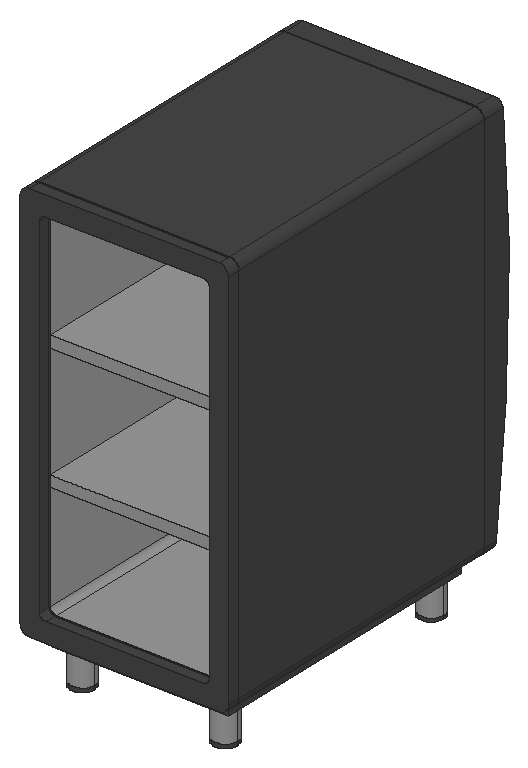
Revit family "Franke_Tassenwärmer_A-Serie-A600_A800_A1000", category Sonderausstattung, Revit 2015
Parameters (values of type "Tassenwärmer A-Serie-A600,A800,A1000(230V/black line/EU)")
  URL = "http://www.franke.com/main/de/cs/produkte/produktsuche/produktsuche.html#akCache=true&p=1&t=grid&f=cat14_3210"
  Tiefe = 453 mm
  Spannung = 230 V
  Sicherung = "10 A"
  Netzfrequenz alternativ = 60 Hz
  Netzfrequenz = 50 Hz
  Modell = "410894 - Tassenwärmer A-Serie - A600, A800, A1000"
  Leistung min. = 110 W
  Leistung max. = 130 W
  Kosten = 0
  Höhe = 585 mm
  Hersteller = "Franke"
  Energieverlust nach DIN18873 = "k.A."
  Breite = 270 mm
  Beschreibung = "Beistellgerät Tassenwärmer dient zur Vorwärmung und Bereitstellung von Tassen, Untertassen und Gläsern"
  Assembly Code = "Beistellgerät Tassenwärmer"
  Keynote = "Beistellgerät Tassenwärmer"
  Aufstellgewicht = "20 kg"
  Anzahl von Polen = 1
  Anzahl der Schutzleiter = "1"
  Anzahl der Nullleiter = "1"
  Ablagekapazität = "120 Tassen"
  Abdeckung = Franke Black
Types (3, lengths in mm): name | Abdeckung
  (no name) | Franke Black
  Tassenwärmer A-Serie-A600,A800,A1000(230V/black line/EU) | Franke Black
  Tassenwärmer A-Serie-A600,A800,A1000(230V/anthrazit/EU) | Franke Anthrazit
Reference planes
  plane 1 "Mitte (Vorne/Hinten)": y = 0
  plane 2: z = 0
  plane 3 "Mitte (Links/Rechts)": x = 0
Forms (mm)
  Extrusion 1, solid, material "Franke Black" <- "Abdeckung"
    sketch origin (0, 0, 0) x (1, 0, 0) y (0, 0, 1)
      loop
        line (123, 585) -> (-123, 585)
        arc (-123, 585) -> (-131.485, 581.485) -> (-135, 573) r 12
        line (-135, 573) -> (-135, 77)
        arc (-135, 77) -> (-131.485, 68.515) -> (-123, 65) r 12
        line (-123, 65) -> (-85, 65) -> (85, 65) -> (123, 65)
        arc (123, 65) -> (131.485, 68.515) -> (135, 77) r 12
        line (135, 77) -> (135, 573)
        arc (135, 573) -> (131.485, 581.485) -> (123, 585) r 12
      loop
        arc (102, 90) -> (107.657, 92.343) -> (110, 98) r 8
        line (110, 98) -> (110, 552)
        arc (110, 552) -> (107.657, 557.657) -> (102, 560) r 8
        line (102, 560) -> (-102, 560)
        arc (-102, 560) -> (-107.657, 557.657) -> (-110, 552) r 8
        line (-110, 552) -> (-110, 98)
        arc (-110, 98) -> (-107.657, 92.343) -> (-102, 90) r 8
        line (-102, 90) -> (102, 90)
    from 199.53 to 214.53
  Extrusion 2, solid, material "Franke Black"
    sketch origin (0, 0, 0) x (1, 0, 0) y (0, 0, 1)
      loop
        line (123, 585) -> (-123, 585)
        arc (-123, 585) -> (-131.485, 581.485) -> (-135, 573) r 12
        line (-135, 573) -> (-135, 77)
        arc (-135, 77) -> (-131.485, 68.515) -> (-123, 65) r 12
        line (-123, 65) -> (123, 65)
        arc (123, 65) -> (131.485, 68.515) -> (135, 77) r 12
        line (135, 77) -> (135, 573)
        arc (135, 573) -> (131.485, 581.485) -> (123, 585) r 12
      loop
        line (115, 565) -> (-115, 565) -> (-115, 85) -> (115, 85) -> (115, 565)
    from -198.03 to 198.03
  Extrusion 3, solid, material "Franke Black"
    sketch origin (0, 0, 0) x (0, 1, 0) y (0, 0, 1)
      loop
        line (186.97, 65) -> (-188.03, 65) -> (-188.03, 45) -> (186.97, 45) -> (186.97, 65)
    from -114 to 114
  Extrusion 4, solid, material "Franke Black"
    sketch origin (0, 0, 0) x (0, 1, 0) y (0, 0, 1)
      loop
        line (199.53, 585) -> (199.53, 65) -> (216.03, 65)
        arc (216.03, 65) -> (224.982, 150.997) -> (233.478, 237.039) r 16328.175
        arc (233.478, 237.039) -> (233.864, 241.879) -> (234.093, 246.728) r 150
        arc (234.093, 246.728) -> (236.227, 326.074) -> (237.701, 405.435) r 9548.581
        arc (237.701, 405.435) -> (237.699, 406.999) -> (237.648, 408.563) r 50
        arc (237.648, 408.563) -> (233.118, 496.797) -> (228.03, 585) r 14002.549
        line (228.03, 585) -> (199.53, 585)
    from -135 to 135
  Extrusion 5, void
    sketch origin (0, 0, 0) x (1, 0, 0) y (0, 0, 1)
      loop
        line (-123, 585) -> (-123, 595) -> (-145, 595) -> (-145, 573) -> (-135, 573)
        arc (-135, 573) -> (-131.485, 581.485) -> (-123, 585) r 12
      loop
        arc (123, 585) -> (131.485, 581.485) -> (135, 573) r 12
        line (135, 573) -> (145, 573) -> (145, 595) -> (123, 595) -> (123, 585)
      loop
        arc (-123, 65) -> (-131.485, 68.515) -> (-135, 77) r 12
        line (-135, 77) -> (-145, 77) -> (-145, 55) -> (-123, 55) -> (-123, 65)
      loop
        line (123, 65) -> (123, 55) -> (145, 55) -> (145, 77) -> (135, 77)
        arc (135, 77) -> (131.485, 68.515) -> (123, 65) r 12
    from -305.226 to 299.817
  Extrusion 6, solid, material "Franke Stahl, verchromt"
    sketch origin (0, 0, 0) x (1, 0, 0) y (0, 1, 0)
      loop
        circle (-92.493, -167.305) r 16
      loop
        circle (92.493, -167.305) r 16
      loop
        circle (-92.493, 166.245) r 16
      loop
        circle (92.493, 166.245) r 16
    from 5 to 45
  Extrusion 7, solid, material "Franke Black"
    sketch origin (0, 0, 0) x (1, 0, 0) y (0, 1, 0)
      loop
        line (-107.5, 117.97) -> (-107.5, 96.52) -> (-90.75, 96.52) -> (-90.75, 117.97) -> (-107.5, 117.97)
      loop
        line (90.75, 117.97) -> (90.75, 96.52) -> (107.5, 96.52) -> (107.5, 117.97) -> (90.75, 117.97)
      loop
        line (-107.5, -97.58) -> (-107.5, -119.03) -> (-90.75, -119.03) -> (-90.75, -97.58) -> (-107.5, -97.58)
      loop
        line (90.75, -97.58) -> (90.75, -119.03) -> (107.5, -119.03) -> (107.5, -97.58) -> (90.75, -97.58)
    from 41 to 45
  Extrusion 8, solid, material "Franke Black"
    sketch origin (0, 0, 0) x (1, 0, 0) y (0, 0, 1)
      loop
        line (-120, 65) -> (120, 65) -> (120, 575) -> (-120, 575) -> (-120, 65)
      loop
        arc (-102, 560) -> (-107.657, 557.657) -> (-110, 552) r 8
        line (-110, 552) -> (-110, 98)
        arc (-110, 98) -> (-107.657, 92.343) -> (-102, 90) r 8
        line (-102, 90) -> (102, 90)
        arc (102, 90) -> (107.657, 92.343) -> (110, 98) r 8
        line (110, 98) -> (110, 552)
        arc (110, 552) -> (107.657, 557.657) -> (102, 560) r 8
        line (102, 560) -> (-102, 560)
    from 198.03 to 199.53
  Extrusion 9, solid, material "Franke Black"
    sketch origin (0, 397.56, 0) x (1, 0, 0) y (0, 0, 1)
      loop
        line (-120, 65) -> (120, 65) -> (120, 575) -> (-120, 575) -> (-120, 65)
    from 198.03 to 199.53
  Extrusion 10, solid, material "Franke Edelstahl, gebürstet"
    sketch origin (0, 0, 41) x (1, 0, 0) y (0, 0, 1)
      loop
        line (-110, 372) -> (-110, 357) -> (110, 357) -> (110, 372) -> (-110, 372)
      loop
        line (-110, 210) -> (-110, 195) -> (110, 195) -> (110, 210) -> (-110, 210)
    from -190.97 to 198.03
  Extrusion 11, solid, material "Franke Edelstahl, gebürstet"
    sketch origin (0, 0, 41) x (1, 0, 0) y (0, 0, 1)
      loop
        arc (-102, 519) -> (-107.657, 516.657) -> (-110, 511) r 8
        line (-110, 511) -> (-110, 57)
        arc (-110, 57) -> (-107.657, 51.343) -> (-102, 49) r 8
        line (-102, 49) -> (102, 49)
        arc (102, 49) -> (107.657, 51.343) -> (110, 57) r 8
        line (110, 57) -> (110, 511)
        arc (110, 511) -> (107.657, 516.657) -> (102, 519) r 8
        line (102, 519) -> (-102, 519)
    from -198.03 to -190.97
  Extrusion 12, solid, material "Franke Edelstahl, gebürstet"
    sketch origin (0, 0, 41) x (1, 0, 0) y (0, 0, 1)
      loop
        line (-115, 524) -> (-115, 44) -> (115, 44) -> (115, 524) -> (-115, 524)
      loop
        arc (-102, 519) -> (-107.657, 516.657) -> (-110, 511) r 8
        line (-110, 511) -> (-110, 57)
        arc (-110, 57) -> (-107.657, 51.343) -> (-102, 49) r 8
        line (-102, 49) -> (102, 49)
        arc (102, 49) -> (107.657, 51.343) -> (110, 57) r 8
        line (110, 57) -> (110, 511)
        arc (110, 511) -> (107.657, 516.657) -> (102, 519) r 8
        line (102, 519) -> (-102, 519)
    from -190.97 to 198.03
  Extrusion 13, solid, material "Franke Black"
    sketch origin (0, 0, 10) x (0, -1, 0) y (1, 0, 0)
      loop
        circle (167.305, -92.493) r 16
      loop
        circle (167.305, 92.493) r 16
      loop
        circle (-166.245, -92.493) r 16
      loop
        circle (-166.245, 92.493) r 16
    from -10 to -5
  Extrusion 14, solid, material "Franke Stahl, verchromt"
    sketch origin (0, 0, 0) x (1, 0, 0) y (0, 1, 0)
      loop
        circle (0, 146.221) r 2.5
    from 41 to 45
Cuts and joins
  Extrusion 5 cuts Extrusion 4
Dimensions and locks
  aligned and locked: level to plane 2
Connectors
  electrical at (0, 146.221, 41), driven by "Spannung", driven by "Anzahl von Polen"
    settings: on Extrusion 14, index 1, voltage 230 V, apparent load 0 VA, apparent load phase1 0 VA, apparent load phase2 0 VA, apparent load phase3 0 VA, power factor 1, load classification "Strom", number of poles 1, system type 31, power factor state 1, is connector primary yes, connector utility no, sub classification motor no, connector description ""
